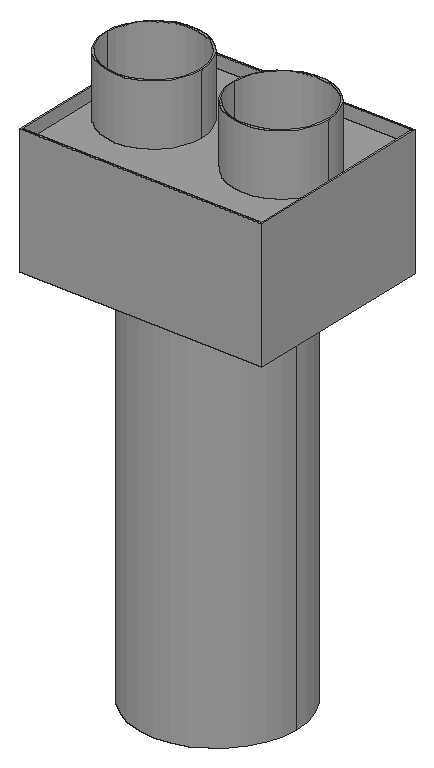
Revit family "CADS_AIRFLOWdev_AirflexPro_Round_StraightCeilingOutlet_Supply", category Duct Fittings, Revit 2019
Family settings
  Round Connector Dimension = Use Diameter
  Part Type = Wye
  Work Plane-Based = No
  Always vertical = Yes
  Cut with Voids When Loaded = No
  Shared = No
Parameters (values of type "CADS_AIRFLOWdev_AirflexPro_Round_StraightCeilingOutlet_Supply")
  f3 [instance] = f - f2  # 0.0 L/s
  f2 [instance] = 0.0 L/s
  f [instance] = 0.0 L/s
  WorkingPressure = 3000.0 Pa
  WeeklyMaintenance = "N/A"
  WarrantyStartDate [instance] = "1900-12-31T23:59:161"
  WarrantyPeriod = "0"
  WarrantyIdentifier = "N/A"
  WarrantyGuarantorParts = "info@airflow.com"
  WarrantyGuarantorLabor = "info@airflow.com"
  WarrantyGuarantor = "Airflow Developments Ltd"
  WarrantyEndDate [instance] = "1900-12-31T23:59:161"
  WarrantyContent = "N/A"
  Uniclass2015 = "Pr_30_59_96_92:Ventilation ducts"
  TemperatureRange = "up to 40°C"
  TagNumber [instance] = "N/A"
  SustainabilityPerformance = "N/A"
  Status = "New"
  Size = "445 x 200 x 150"
  ShippingWeight = 1.44 kg
  Shape = "Other"
  ServiceLifeType = "EXPECTEDSERVICELIFE"
  ServiceLifeDuration = "10"
  SerialNumber [instance] = "N/A"
  SAPApproval = yes
  RunID = "0"
  ReplacementCost = "79.104"
  Reinforcement = "N/A"
  RedDotDesignAward = no
  QuarterlyMaintenance = "N/A"
  Quantity = 1
  ProductionYear = "2017"
  ProductLiterature = "https://www.airflow.com/pdf/Accessories.pdf#page=3"
  PointOfContact = "Airflow Developments Ltd"
  PassiveHouseApproval = no
  NominalWidth = 200 mm
  NominalLength = 445 mm
  NominalHeight = 150 mm
  NBSCode = "45-80-50/394 Ventilation ducts"
  MonthlyMaintenance = "N/A"
  ModelReference [instance] = "9041141"
  ModelLabel [instance] = "Round straight ceiling/wall plenum"
  Material = "Steel"
  ManufacturerWebsite = "www.airflow.com"
  ManufacturerTelephone = "01494 525252"
  ManufacturerE-Mail = "info@airflow.com"
  ManufacturerAddress = "Aidelle House\nLancaster Road\nCressex Business Park\nHigh Wycombe\nBucks\nHP123QP"
  Manufacturer = "Airflow Developments Ltd"
  MaintenanceRequired8001to12000hrs = "N/A"
  MaintenanceRequired601to1000hrs = "N/A"
  MaintenanceRequired4001to8000hrs = "N/A"
  MaintenanceRequired301to600hrs = "N/A"
  MaintenanceRequired2001to4000hrs = "N/A"
  MaintenanceRequired1001to2000hrs = "N/A"
  MaintenanceRequired0to300hrs = "N/A"
  LongitudinalSeam = "None"
  IsExtendedWarranty = no
  InstallationDate [instance] = "1900-12-31T23:59:161"
  ISO90001 = yes
  ISO140001 = yes
  GrossWeight = 1.20 kg
  Grade = "Stainless"
  GlobalTradeItemNumber [instance] = "5019009305752"
  Fitting Type = "Ignore"
  FireControlPanelLinks = no
  Finish = "Lacquer"
  Features = "Round straight ceiling/wall plenum"
  ExpectedServiceLife = 10
  Exclusions = "N/A"
  DurationUnit = "Year"
  DailyMaintenance = "N/A"
  Constituents = "Round straight ceiling/wall plenum"
  Color = "Silver"
  CodePerformance = "N/A"
  CEApproval = yes
  CADS_Index = 0
  BespokeTimeFrameMaintenance = "N/A"
  AssetType = "FIXED"
  AssetIdentifier [instance] = "N/A"
  AssemblyPlace = "UNKNOWN"
  ArticleNumber [instance] = "N/A"
  AnnualMaintenance = "N/A"
  AirflowRateRange = 18.0 L/s
  AdjustableLengthCheck [instance] = if(AdjustableLength > 310 mm, 310 mm, AdjustableLength)  # 310 mm
  AdjustableLength [instance] = 310 mm
  AccessibilityPerformance = "N/A"
  AF_Body = AF_Grey
  6MonthlyMaintenance = "Visually inspect system, clean the fan and ducting if necessary"
Types (2, lengths in mm): name | WorkingPressure | WeeklyMaintenance | WarrantyStartDate | WarrantyPeriod | WarrantyIdentifier | WarrantyGuarantorParts | WarrantyGuarantorLabor | WarrantyGuarantor | WarrantyEndDate | WarrantyContent | Uniclass2015 | TemperatureRange | TagNumber | SustainabilityPerformance | Status | Size | ShippingWeight | Shape | ServiceLifeType | ServiceLifeDuration | SerialNumber | ReplacementCost | Reinforcement | RedDotDesignAward | QuarterlyMaintenance | Quantity | ProductionYear | ProductLiterature | PointOfContact | PassiveHouseApproval | NominalWidth | NominalLength | NominalHeight | NBSCode | MonthlyMaintenance | ModelReference | ModelLabel | Material | ManufacturerWebsite | ManufacturerTelephone | ManufacturerE-Mail | ManufacturerAddress | MaintenanceRequired8001to12000hrs | MaintenanceRequired601to1000hrs | MaintenanceRequired4001to8000hrs | MaintenanceRequired301to600hrs | MaintenanceRequired2001to4000hrs | MaintenanceRequired1001to2000hrs | MaintenanceRequired0to300hrs | LongitudinalSeam | IsExtendedWarranty | InstallationDate | GrossWeight | Grade | GlobalTradeItemNumber | Fitting Type | FireControlPanelLinks | Finish | Features | ExpectedServiceLife | Exclusions | DurationUnit | DailyMaintenance | Constituents | Color | CodePerformance | BespokeTimeFrameMaintenance | AssetType | AssetIdentifier | AssemblyPlace | ArticleNumber | AnnualMaintenance | AirflowRateRange | AccessibilityPerformance | 6MonthlyMaintenance
  CADS_AIRFLOWdev_AirFlex_Round_WallPlenum | 0.0 Pa | "" | "" | "" | "" | "" | "" | "" | "" | "" | "" | "" | "" | "" | "" | "" | 0.00 kg | "" | "" | "" | "" | "" | "" | yes | "" | 0 | "" | "" | "" | yes | 0 | 0 | 0 | "" | "" | "" | "" | "" | "" | "" | "" | "" | "" | "" | "" | "" | "" | "" | "" | "" | yes | "" | 0.00 kg | "" | "" | "" | yes | "" | "" | 0 | "" | "" | "" | "" | "" | "" | "" | "" | "" | "" | "" | "" | 0.0 L/s | "" | ""
  CADS_AIRFLOWdev_AirflexPro_Round_StraightCeilingOutlet_Supply | 3000.0 Pa | "N/A" | "1900-12-31T23:59:161" | "0" | "N/A" | "info@airflow.com" | "info@airflow.com" | "Airflow Developments Ltd" | "1900-12-31T23:59:161" | "N/A" | "Pr_30_59_96_92:Ventilation ducts" | "up to 40°C" | "N/A" | "N/A" | "New" | "445 x 200 x 150" | 1.44 kg | "Other" | "EXPECTEDSERVICELIFE" | "10" | "N/A" | "79.104" | "N/A" | no | "N/A" | 1 | "2017" | "https://www.airflow.com/pdf/Accessories.pdf#page=3" | "Airflow Developments Ltd" | no | 200 | 445 | 150 | "45-80-50/394 Ventilation ducts" | "N/A" | "9041141" | "Round straight ceiling/wall plenum" | "Steel" | "www.airflow.com" | "01494 525252" | "info@airflow.com" | "Aidelle House\nLancaster Road\nCressex Business Park\nHigh Wycombe\nBucks\nHP123QP" | "N/A" | "N/A" | "N/A" | "N/A" | "N/A" | "N/A" | "N/A" | "None" | no | "1900-12-31T23:59:161" | 1.20 kg | "Stainless" | "5019009305752" | "Ignore" | no | "Lacquer" | "Round straight ceiling/wall plenum" | 10 | "N/A" | "Year" | "N/A" | "Round straight ceiling/wall plenum" | "Silver" | "N/A" | "N/A" | "FIXED" | "N/A" | "UNKNOWN" | "N/A" | "N/A" | 18.0 L/s | "N/A" | "Visually inspect system, clean the fan and ducting if necessary"
Reference planes
  plane 1 "Center (Front/Back)": y = 0
  plane 2: z = 0
  plane 3 "Center (Left/Right)": x = 0
  plane 4: y = -147.5
  plane 5: y = -106
  plane 6: x = -95
  plane 7: x = 95
  plane 8 "CL Spigot": z = 350.5
  plane 9: z = 310
  plane 10 "top": z = 391
Forms (mm)
  Extrusion 1, solid, material "AF_Grey" <- "AF_Body"
    sketch origin (0, 0, 350.5) x (-1, 0, 0) y (0, -1, 0)
      loop
        line (-95, -75) -> (95, -75) -> (95, 75) -> (-95, 75) -> (-95, -75)
    from -40.5 to 40.5
  Extrusion 2, solid, material "AF_Grey" <- "AF_Body"
    sketch origin (0, 0, 350.5) x (-1, 0, 0) y (0, -1, 0)
      loop
        circle (0, 0) r 62.5
      loop
        circle (0, 0) r 61.5
    from -350.5 to 0
  Extrusion 3, solid, material "AF_Grey" <- "AF_Body"
    sketch origin (-9.062, 357.081, 391) x (-1, 0, 0) y (0, -1, 0)
      loop
        circle (40.938, 357.081) r 38
      loop
        circle (-59.062, 357.081) r 38
    from 48 to 0
  Extrusion 4, void
    sketch origin (-9.062, 357.081, 391) x (-1, 0, 0) y (0, -1, 0)
      loop
        circle (40.938, 357.081) r 37
      loop
        circle (-59.062, 357.081) r 37
    from 48 to 1
  Sweep 5, solid, material "AF_Grey" <- "AF_Body"
    path in 3D
      loop
        line (95, -75, 391) -> (95, 75, 391) -> (-95, 75, 391) -> (-95, -75, 391) -> (95, -75, 391)
    profile origin (0, -75, 391) x (0, 1, 0) y (0, 0, 1)
      loop
        line (0, 0) -> (1, 0) -> (1, 10) -> (0, 10) -> (0, 0)
      loop
        line (0, -81) -> (0, -91) -> (1, -91) -> (1, -81) -> (0, -81)
Cuts and joins
  joined: Extrusion 1, Extrusion 2, Sweep 5
  Extrusion 4 cuts Extrusion 3
Lines and regions (mm)
  sketch lines
    curve 1: line (-95, -75, 391) -> (95, -75, 391)
    curve 2: line (-95, 75, 391) -> (-95, -75, 391)
    curve 3: line (95, 75, 391) -> (-95, 75, 391)
    curve 4: line (95, -75, 391) -> (95, 75, 391)
Dimensions and locks
  plane 10 "top" to plane 8 "CL Spigot" to plane 9 = 40.5 mm locked, 40.5 mm locked
  equal spacing: Extrusion 3 sketch curve, plane 3 "Center (Left/Right)", Extrusion 3 sketch curve
  "AdjustableLengthCheck": plane 9 to plane 2
  Extrusion 3 sketch curve to plane 3 "Center (Left/Right)" to Extrusion 3 sketch curve = 50 mm, 50 mm
  aligned and locked: level to plane 2
  aligned and locked: level to Extrusion 2
  aligned and locked: Extrusion 2 to plane 8 "CL Spigot"
Automatic sketch dimensions
  Extrusion 2 sketch curve to Extrusion 2 sketch curve = 0 mm  (x2)
  plane 1 "Center (Front/Back)" to Extrusion 2 sketch curve = 0 mm
  Extrusion 2 sketch curve to plane 3 "Center (Left/Right)" = 0 mm
  Extrusion 1 sketch curve to plane 7 = 0 mm
  Extrusion 1 sketch curve to plane 6 = 0 mm
  Extrusion 1 sketch curve to plane 1 "Center (Front/Back)" = 75 mm
  plane 5 to Extrusion 1 sketch curve = 31 mm
  plane 4 to Extrusion 3 sketch curve = 147.5 mm
  Extrusion 3 sketch curve to Extrusion 3 sketch curve = 0 mm
  Sweep 5 sketch curve to profile plane = 0 mm  (x3)
  Sweep 5 sketch curve to profile plane = 1 mm  (x2)
  Sweep 5 sketch curve to profile plane = 81 mm
  Sweep 5 sketch curve to Sweep 5 sketch curve = 10 mm
  profile plane to Sweep 5 sketch curve = 10 mm
  radius of Extrusion 2 sketch curve = 62.5 mm
  radius of Extrusion 2 sketch curve = 61.5 mm
  radius of Extrusion 4 sketch curve to Extrusion 3 = 1 mm  (x2)
  radius of Extrusion 3 sketch curve = 38 mm  (x2)
Connectors
  hvac at (0, 0, 0), driven by "f"
    settings: on cut or joined group of Extrusion 1, Extrusion 2, Sweep 5, index 1, duct flow 0.0 L/s, flow factor 0, pres drop 0.0 Pa, loss coef 0, conn angle 0.00°, conn width 304.8 mm, conn height 304.8 mm, conn diameter 125 mm, duct sys type 1, conn prof type 0, flow config 0, flow direction 2, loss method 0, conn ref index -1, conn util no, is conn primary yes, conn desc ""
  hvac at (-50, 0, 392), driven by "f2"
    settings: on cut or joined group of Extrusion 3, Extrusion 4, index 2, duct flow 0.0 L/s, flow factor 0, pres drop 0.0 Pa, loss coef 0, conn angle 0.00°, conn width 304.8 mm, conn height 304.8 mm, conn diameter 75 mm, duct sys type 1, conn prof type 0, flow config 1, flow direction 1, loss method 0, conn ref index -1, conn util no, is conn primary no, conn desc ""
  hvac at (50, 0, 392), driven by "f3"
    settings: on cut or joined group of Extrusion 3, Extrusion 4, index 4, duct flow 0.0 L/s, flow factor 0, pres drop 0.0 Pa, loss coef 0, conn angle 0.00°, conn width 304.8 mm, conn height 304.8 mm, conn diameter 75 mm, duct sys type 1, conn prof type 0, flow config 1, flow direction 1, loss method 0, conn ref index -1, conn util no, is conn primary no, conn desc ""
